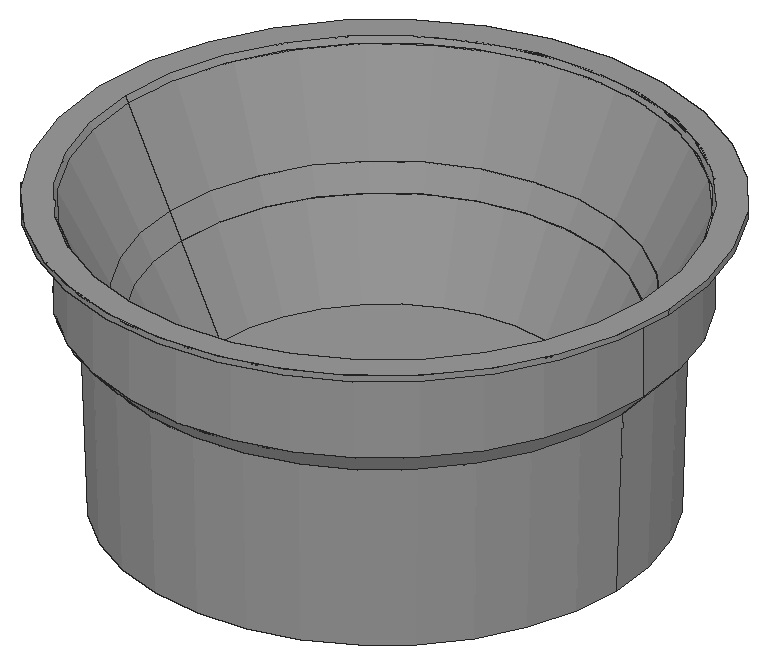
Revit family "2070237", category Lighting Fixtures, host Face, Revit 2018
Family settings
  Host = Face
  Round Connector Dimension = Use Diameter
  Part Type = Normal
  OmniClass Number = 23.80.70.00
  OmniClass Title = Lighting
  Cut with Voids When Loaded = No
  Light Source = Yes
  Shared = No
  Room Calculation Point = No
Parameters (values of type "2070237 SOLST 200 1700LM 930  SSC GB")
  Weight = "n/a"
  Wattage Comments = ""
  Wattage = 9.2903 W
  WarrantyStartDate [instance] = "n/a"
  WarrantyGuarantorParts = "n/a"
  WarrantyDurationUnit = "n/a"
  WarrantyDurationParts = ""
  WarrantyDescription = "http://www.sylvania-lighting.com"
  built-in parameter 1150110 = 1 (stored number, unit not read)
  Voltage = 0 V
  URL = "0.96"
  TypeName = "Solstice 200 1700lm 930  SSC GB"
  Type Image = <None>
  Type Comments = "n/a"
  built-in parameter 1114217 = 1 (stored number, unit not read)
  Tilt Angle = -90.00°
  built-in parameter 1150109 = 1 (stored number, unit not read)
  built-in parameter 1150134 = 3
  built-in parameter 1150113 = 1 (stored number, unit not read)
  SerialNumber [instance] = "n/a"
  Photometric Web File = "2070237.IES"
  Material_3_SYL = none
  PowerFactor = 0
  PowerConsumption = "Lighting"
  NominalLength = 215 mm
  NominalHeight = 100 mm
  NominalDepth = 215 mm
  Name = "Solstice 200 1700lm 930  SSC GB"
  ModelReference = Name  # "Solstice 200 1700lm 930  SSC GB"
  ModelNumber = "2070237"
  Model = Name  # "Solstice 200 1700lm 930  SSC GB"
  Material = "Feilo Sylvania"
  ManufacturerName = "100 lm/W"
  Manufacturer = ""
  LuminousEfficacy = ""
  built-in parameter 1150105 = 109.82 (stored number, unit not read)
  Lumens = 1380 lm
  LuminaireType = "0"
  built-in parameter 1150115 = 1 (stored number, unit not read)
  LightOutputRatio = "LED"
  built-in parameter 1150137 = (empty or 0)
  built-in parameter 1150139 = (empty or 0)
  LampsType = Lamp  # "n/a"
  LampNominalLuminous = "3000 K"
  LampMacAdamStep = "90"
  LampColourTemperature = "LED"
  LampColourRenderingIndex = "16500"
  built-in parameter 1150112 = 1 (stored number, unit not read)
  built-in parameter 1150114 = 1 (stored number, unit not read)
  Lamp = "n/a"
  Keynote = "n/a"
  InstallationDate [instance] = "n/a"
  InputVoltage = "0"
  InputNominalFrequency = "3000"
  built-in parameter 1150132 = (empty or 0)
  built-in parameter 1150102 = (empty or 0)
  built-in parameter 1150107 = 3200 (stored number, unit not read)
  built-in parameter 1150138 = (empty or 0)
  IngressProtection = "IfcLightFixtureType"
  ImpactProtectionIndex = "IfcLightFixtureType"
  built-in parameter 1150106 = 1.0982 (stored number, unit not read)
  IfcExportType = "IfcLightFixtureType"
  IfcExportAs = "Class II"
  Emit from Circle Diameter = 609.6 mm
  Emit Shape Visible in Rendering = no
  ElectricShockClassification = "100"
  built-in parameter 1150104 = 13.8 (stored number, unit not read)
  DocumentationLiterature = "http://www.sylvania-lighting.com/product/en-int/products/2070237"
  DimmingControlOptions = "n/a"
  Material_2_SYL = none
  Dimming Lamp Color Temperature Shift = <None>
  Description = "The Solstice 200 1700lm 930  SSC GBis a high efficient SSC GBdimmable downlight luminaire, Colour rendering index Ra>90, Colour temperature: 3000K Warm White, Class II, Protection rating IP40/IP20, Cut out dimensions: 200mm."
  Default Elevation = 1219.2 mm
  CreatedOn = "03/08/2023"
  CreatedBy = "@sylvania-lighting.com"
  Cost = 0
  Color Filter = 16777215
  built-in parameter 1114216 [instance] = (empty or 0)
  ClassificationValue = "EF_70_80"
  ClassificationName = "Uniclass2015"
  Material_1_SYL = none
  BarCode [instance] = "n/a"
  built-in parameter 1114218 = 1 (stored number, unit not read)
  built-in parameter 1150133 = 10 (stored number, unit not read)
  AssetType = "Fixed"
  AssetIdentifier [instance] = "n/a"
  Assembly Code = "D5020200"
  Apparent Load = 17 VA
  Material_4_SYL = none
Reference planes
  plane 1 "Center (Front/Back)": y = 0
  plane 2: z = 0
  plane 3 "Center (Left/Right)": x = 0
  plane 4: x = -107.5
  plane 5: x = 107.5
  plane 6: y = 107.5
  plane 7: y = -107.5
  plane 8: z = -100
  plane 9: through (22.818, 35.261, 1219.2) normal (0.8403, -0.5421, 0)
Forms (mm)
  Extrusion 1, solid, material "Aluminum", detail levels medium+fine
    sketch origin (0, 0, 0) x (1, 0, 0) y (0, 1, 0)
      loop
        circle (0, 0) r 107.5
    from 0 to 2
  Extrusion 2, solid, material "Aluminum", detail levels medium+fine
    sketch origin (0, 0, 0) x (1, 0, 0) y (0, 1, 0)
      loop
        circle (0, 0) r 98
    from 0 to -31
  Blend 3, solid, material "Aluminum", detail levels medium+fine
    base sketch origin (0, 0, 0) x (1, 0, 0) y (0, 1, 0)
      loop
        circle (0, 0) r 98
    top sketch origin (0, 0, 0) x (1, 0, 0) y (0, 1, 0)
      loop
        circle (0, 0) r 90
    from -31 to -39.5
  Blend 4, solid, material "Aluminum", detail levels medium+fine
    base sketch origin (0, 1219.2, 38) x (1, 0, 0) y (0, 1, 0)
      loop
        circle (0, -1219.2) r 90
    top sketch origin (0, 1219.2, 38) x (1, 0, 0) y (0, 1, 0)
      loop
        circle (0, -1219.2) r 88
    from -77.5 to -138
  Blend 5, solid, material "Glass, White, High Luminance", detail levels fine
    base sketch origin (0, 1219.2, 38) x (1, 0, 0) y (0, 1, 0)
      loop
        circle (0, -1219.2) r 61.5
    top sketch origin (0, 1219.2, 38) x (1, 0, 0) y (0, 1, 0)
      loop
        circle (0, -1219.2) r 61.5
    from -108 to -106.452
  Extrusion 6, solid, material "Aluminum", detail levels medium+fine
    sketch origin (0, 1219.2, 38) x (1, 0, 0) y (0, 1, 0)
      loop
        circle (0.108, -1219.141) r 41.941
    from -137.794 to -138
  Extrusion 7, solid, detail levels coarse
    sketch origin (0, 0, 0) x (1, 0, 0) y (0, 0, 1)
      loop
        line (-107.5, 2) -> (-107.5, -100) -> (107.5, -100) -> (107.5, 2) -> (-107.5, 2)
    from -107.5 to 107.5
  Blend 8, void
    base sketch origin (0, 0, 0) x (1, 0, 0) y (0, 1, 0)
      loop
        circle (0.108, 0.059) r 98
    top sketch origin (0, 0, 0) x (1, 0, 0) y (0, 1, 0)
      loop
        circle (0.108, 0.059) r 61.5
    from 2 to -70
Cuts and joins
  Blend 8 cuts Extrusion 1
  Blend 8 cuts Extrusion 7
  Blend 8 cuts Extrusion 2
  Blend 8 cuts Blend 4
  Blend 8 cuts Blend 3
Dimensions and locks
  "NominalLength": plane 4 to plane 5
  equal spacing: plane 4, plane 3 "Center (Left/Right)", plane 5
  "NominalDepth": plane 6 to plane 7
  equal spacing: plane 6, plane 1 "Center (Front/Back)", plane 7
  "NominalHeight": level to plane 8
  aligned and locked: plane 2 to host face
  aligned and locked: level to host face
Automatic sketch dimensions
  host sketch curve to host sketch curve = 2438.4 mm  (x2)
  plane 1 "Center (Front/Back)" to Extrusion 1 sketch curve = 0 mm
  Extrusion 1 sketch curve to plane 3 "Center (Left/Right)" = 0 mm
  plane 1 "Center (Front/Back)" to Extrusion 2 sketch curve = 0 mm
  Extrusion 2 sketch curve to plane 3 "Center (Left/Right)" = 0 mm
  plane 1 "Center (Front/Back)" to Blend 3 sketch curve = 0 mm  (x2)
  Blend 3 sketch curve to plane 3 "Center (Left/Right)" = 0 mm  (x2)
  plane 1 "Center (Front/Back)" to Blend 4 sketch curve = 0 mm  (x2)
  Blend 4 sketch curve to plane 3 "Center (Left/Right)" = 0 mm  (x2)
  plane 1 "Center (Front/Back)" to Blend 5 sketch curve = 0 mm  (x2)
  Blend 5 sketch curve to plane 3 "Center (Left/Right)" = 0 mm  (x2)
  plane 3 "Center (Left/Right)" to Extrusion 6 sketch curve = 0.108 mm
  Extrusion 6 sketch curve to plane 1 "Center (Front/Back)" = 0.059 mm
  Extrusion 7 sketch curve to plane 4 = 0 mm
  plane 5 to Extrusion 7 sketch curve = 0 mm
  Extrusion 7 sketch curve to plane 8 = 0 mm
  level to Extrusion 7 sketch curve = 2 mm
  plane 9 to Blend 8 sketch curve = 0 mm  (x2)
  Blend 8 sketch curve to plane 1 "Center (Front/Back)" = 0.059 mm  (x2)
  radius of Extrusion 1 sketch curve = 107.5 mm
  radius of Extrusion 2 sketch curve = 98 mm
  radius of Blend 3 sketch curve = 98 mm
  radius of Blend 3 sketch curve = 90 mm
  radius of Blend 4 sketch curve = 90 mm
  radius of Blend 4 sketch curve = 88 mm
  radius of Blend 5 sketch curve = 61.5 mm  (x2)
  radius of Extrusion 6 sketch curve = 41.941 mm
  radius of Blend 8 sketch curve = 98 mm
  radius of Blend 8 sketch curve = 61.5 mm
Connectors
  electrical at (0.108, 0.059, -99.794)
    settings: on Extrusion 6, index 1, voltage 0 V, apparent load 0 VA, apparent load phase1 0 VA, apparent load phase2 0 VA, apparent load phase3 0 VA, power factor 1, load classification "Other", number of poles 1, system type 31, power factor state 1, is connector primary yes, connector utility no, sub classification motor no, connector description ""
